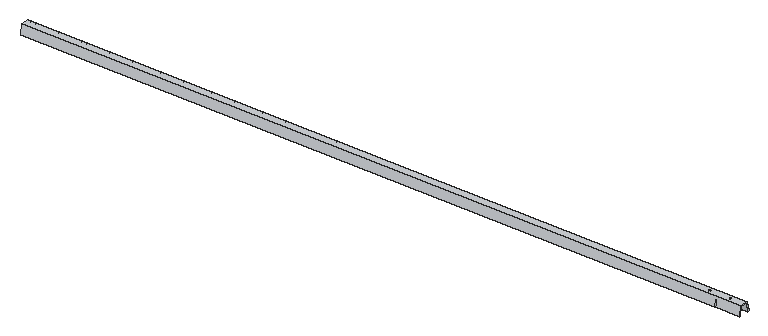
Revit family "TSN BridgeBar (R) 75", category Structural Framing, Revit 2026
Family settings
  Section Shape = Not Defined
  Material for Model Behavior = Other
  Always export as geometry = No
  Classification Number = 23.25.30.11.14.14
  Always vertical = No
  Cut with Voids When Loaded = No
  Symbolic Representation = From Family
  Shared = No
  Show family pre-cut in plan views = No
Parameters
  Version = "2.0"
  URL = "http://www.steelnetwork.com/product.aspx/BridgeBar"
  Slot_Offset = 2.0000"
  N2 [instance] = (Length - Hole2_Offset) / 4.0000"  # 14
  N1 [instance] = (Length - Hole1_Offset) / 4.0000"  # 15
  N [instance] = (Length - Slot_Offset) / 4.0000"  # 15
  Manufacturer = "The Steel Network, Inc."
  Length [instance] = 60.0000"
  Hole2_Offset = 2.8700"
  Hole1_Offset = 1.1300"
Reference planes (in)
  plane 1 "Center (Front/Back)": y = 0
  plane 2 "Center El.": z = 0
  plane 3 "Center (Left/Right)": x = 0
  plane 4 "Left": x = -30
  plane 5 "Right": x = 30
  plane 6: y = -0.3315
  plane 7: y = 0.3315
  plane 8: through (0, -0.3315, 0.16475) normal (0, -0.9848, 0.1736)
  plane 9: through (0, 0.3315, 0.16475) normal (0, -0.9848, -0.1736)
  plane 10: through (0, 0.2969, 0.16475) normal (0, -0.9848, -0.1736)
  plane 11: through (0, -0.42714, -0.57386) normal (0, 0.9848, -0.1736)
  plane 12: z = 0
  plane 13: x = 28.87
  plane 14: x = 28
  plane 15: x = 27.13
  plane 16: x = 23.13
Forms (in)
  Extrusion 1, solid
    sketch origin (0, 0, -0.16105) x (0, 1, 0) y (0, 0, 1)
      loop
        line (0.3283, 0.16105) -> (-0.32835, 0.16105) -> (-0.45794, -0.57386) -> (-0.42714, -0.57386) -> (-0.30514, 0.11804) -> (0.30514, 0.11804) -> (0.42714, -0.57386) -> (0.45789, -0.57386) -> (0.3283, 0.16105)
    from -30 to 30
  Extrusion 2, void
    sketch origin (0, 0, 0) x (1, 0, 0) y (0, 1, 0)
      loop
        circle (28.87, 0) r 0.056
    from -0.04301 to 0.03704
  Extrusion 3, void
    sketch origin (0, 0, 0) x (1, 0, 0) y (0, 1, 0)
      loop
        circle (27.13, 0) r 0.056
    from -0.0309 to 0
  Extrusion 4, void
    sketch origin (0, 0, -0.16105) x (1, 0, 0) y (0, 0, 1)
      loop
        line (27.9717, -0.57386) -> (28.0283, -0.57386) -> (28.0283, -0.07386) -> (27.9717, -0.07386) -> (27.9717, -0.57386)
    from -0.45789 to 0.45794
Cuts and joins
  Extrusion 2, Extrusion 3, Extrusion 4 cuts Extrusion 1
Lines and regions (in)
  model lines, style "Stick Symbols", detail levels coarse
    curve 1: line (-36, 0, 0) -> (36, 0, 0)
Dimensions and locks (in)
  "Length": plane 4 "Left" to plane 5 "Right"
  "Hole1_Offset": plane 13 to plane 5 "Right"
  "Hole2_Offset": plane 15 to plane 5 "Right"
  equal spacing: plane 4 "Left", plane 3 "Center (Left/Right)", plane 5 "Right"
  "Slot_Offset": plane 14 to plane 5 "Right"
  aligned and locked: plane 1 "Center (Front/Back)" to curve 1
  aligned: plane 4 "Left" to Extrusion 1
  aligned and locked: Extrusion 1 to plane 5 "Right"
  aligned and locked: Extrusion 1 to Extrusion 2
  aligned and locked: plane 4 "Left" to cut or joined group of Extrusion 1, Extrusion 2, Extrusion 3, Extrusion 4
Automatic sketch dimensions
  plane 4 "Left" to curve 1 = 6.0000"
  curve 1 to plane 5 "Right" = 6.0000"
  plane 11 to Extrusion 1 sketch curve = 0.02797"  (x2)
  Extrusion 1 sketch curve to plane 8 = 0.03171"
  Extrusion 1 sketch curve to plane 12 = 0.0000"
  plane 10 to Extrusion 1 sketch curve = 0.02797"  (x2)
  Extrusion 1 sketch curve to Extrusion 1 sketch curve = 0.0308"
  plane 7 to Extrusion 1 sketch curve = 0.0032"
  Extrusion 1 sketch curve to Extrusion 1 sketch curve = 0.03075"
  Extrusion 4 sketch curve to Extrusion 4 sketch curve = 0.0566"
  Extrusion 4 sketch curve to Extrusion 4 sketch curve = 0.5000"
  plane 1 "Center (Front/Back)" to Extrusion 2 sketch curve = 0.0000"
  Extrusion 2 sketch curve to plane 13 = 0.0000"
  plane 14 to Extrusion 4 sketch curve = 0.0283"
  Extrusion 1 sketch curve to plane 6 = 0.02636"
  plane 1 "Center (Front/Back)" to Extrusion 3 sketch curve = 0.0000"
  Extrusion 3 sketch curve to plane 15 = 0.0000"
  plane 6 to Extrusion 1 sketch curve = 0.09564"
  Extrusion 1 sketch curve to plane 7 = 0.09564"
  Extrusion 4 sketch curve to level = 0.73491"
  radius of Extrusion 2 sketch curve = 0.0560"
  radius of Extrusion 3 sketch curve = 0.0560"
